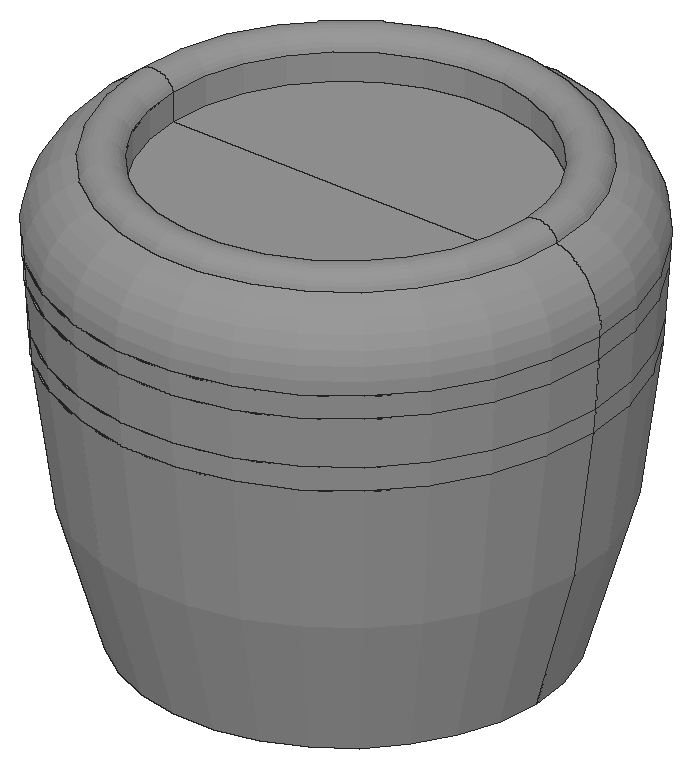
Revit family "Арабский вазон", category Антураж, Revit 2017
Family settings
  На основе рабочей плоскости = Нет
  Всегда вертикально = Да
  При загрузке вырезать с полостями = Нет
  Источник визуального образа = Геометрия семейства
  Общий = Нет
  Точка расчета площади = Нет
Parameters (values of type "Малый")
  Стоимость = 14145
  Средний  плюс = no
  Средний = no
  Материал_2 = Стеклопластиковый композит с гранитной крошкой_Красный
  Материал_1 = Стеклопластиковый композит с гранитной крошкой_Зеленый
  Малый = yes
  Изготовитель = "ООО \"Хоббика\""
  Высота = 0 mm
  Большой = no
  АDSK_Материал вазона = Стеклопластиковый композит с гранитной крошкой
  URL = "https://hobbyka.ru/product/vazon_arabskiy/?sphrase_id=81577"
  ADSK_Размер_Диаметр = 490 mm
  ADSK_Размер_Высота = 420 mm
  ADSK_Наименование = "Вазон «Арабский»\r\n\r\nВазон «Арабский»\r\n\r\nВазон «Арабский»\r\n\r\nВазон «Арабский»\r\n\r\nВазон «Арабский»\r\n\r\nВазон «Арабский»\r\n\r\nВазон «Арабский»\r\n\r\nВазон «Арабский»"
  ADSK_Код изделия = "8425"
Types (5, lengths in mm): name | Стоимость | Средний  плюс | Средний | Малый | Большой | ADSK_Размер_Диаметр | ADSK_Размер_Высота
  (no name) | 14145 | no | no | yes | no | 490 | 420
  Большой | 23230 | no | no | no | yes | 495 | 1020
  Средний | 18400 | no | yes | no | no | 555 | 715
  Средний плюс | 19780 | yes | no | no | no | 495 | 680
  Малый | 14145 | no | no | yes | no | 490 | 420
Reference planes
  plane 1 "По центру (Вперед/Назад)": y = 0
  plane 2: z = 0
  plane 3 "По центру (Влево/Вправо)": x = 0
Forms (mm)
  Revolve 1, solid, material "Стеклопластиковый композит с гранитной крошкой" <- "АDSK_Материал вазона", visible <- "Большой"
    sketch origin (0, 0, 0) x (1, 0, 0) y (0, 0, 1)
      loop
        line (0, 0) -> (161, 0)
        arc (161, 0) -> (215.344, 402.062) -> (243.246, 806.819) r 6192.965
        line (243.246, 806.819) -> (0, 806.819) -> (0, 0)
      loop
        arc (246.356, 954.701) -> (234.549, 988.773) -> (204.344, 1008.473) r 55.698
        arc (204.344, 1008.473) -> (185.816, 1022.398) -> (167.62, 1008.042) r 18.994
        line (167.62, 1008.042) -> (167.62, 954.701) -> (246.356, 954.701)
      axis (0, 1008.473) -> (0, 0)
    angle from 0 to 360
  Revolve 2, solid, material "Стеклопластиковый композит с гранитной крошкой_Зеленый" <- "Материал_1", visible <- "Большой"
    sketch origin (0, 0, 0) x (1, 0, 0) y (0, 0, 1)
      loop
        line (213.35, 954.701) -> (213.35, 914.701) -> (246.356, 914.701) -> (246.356, 954.701) -> (213.35, 954.701)
      loop
        line (246.356, 847.701) -> (0, 847.701) -> (0, 806.819) -> (243.246, 806.819) -> (246.356, 847.701)
      axis (0, 954.701) -> (0, 806.819)
    angle from 0 to 360
  Revolve 3, solid, material "Стеклопластиковый композит с гранитной крошкой_Красный" <- "Материал_2", visible <- "Большой"
    sketch origin (0, 0, 0) x (1, 0, 0) y (0, 0, 1)
      loop
        line (0, 914.701) -> (0, 847.701) -> (246.356, 847.701) -> (246.356, 914.701) -> (0, 914.701)
      axis (0, 914.701) -> (0, 847.701)
    angle from 0 to 360
  Revolve 4, solid, material "Земля", visible <- "Большой"
    sketch origin (0, 0, 0) x (1, 0, 0) y (0, 0, 1)
      loop
        line (-167.62, 998.635) -> (-167.62, 942.386) -> (0, 942.386) -> (0, 998.635) -> (-167.62, 998.635)
      axis (0, 942.386) -> (0, 998.635)
    angle from 0 to 360
  Revolve 5, solid, material "Стеклопластиковый композит с гранитной крошкой" <- "АDSK_Материал вазона", visible <- "Средний"
    sketch origin (0, 0, 0) x (1, 0, 0) y (0, 0, 1)
      loop
        line (218.225, 79.39) -> (0, 79.39) -> (0, 0) -> (192.506, 0)
        arc (192.506, 0) -> (205.903, 39.521) -> (218.225, 79.39) r 1541.964
      loop
        arc (223.576, 98.001) -> (263.772, 292.721) -> (277.254, 491.088) r 1466.156
        line (277.254, 491.088) -> (277.254, 586.733) -> (0, 586.733) -> (0, 491.088) -> (0, 98.001) -> (223.576, 98.001)
      loop
        arc (179.809, 698.828) -> (161.167, 712.587) -> (142.525, 698.828) r 19.508
        line (142.525, 698.828) -> (179.809, 698.828)
      axis (0, 698.828) -> (0, 0)
    angle from 0 to 360
  Revolve 6, solid, material "Стеклопластиковый композит с гранитной крошкой_Зеленый" <- "Материал_1", visible <- "Средний"
    sketch origin (0, 0, 0) x (1, 0, 0) y (0, 0, 1)
      loop
        line (218.225, 79.39) -> (223.388, 98.001) -> (0, 98.001) -> (0, 79.39) -> (218.225, 79.39)
      loop
        arc (277.254, 611.088) -> (259, 654.072) -> (224.381, 685.413) r 108.583
        line (224.381, 685.413) -> (220.702, 685.413) -> (220.702, 611.088) -> (277.254, 611.088)
      axis (0, 685.413) -> (0, 79.39)
    angle from 0 to 360
  Revolve 7, solid, material "Стеклопластиковый композит с гранитной крошкой_Красный" <- "Материал_2", visible <- "Средний"
    sketch origin (0, 0, 0) x (1, 0, 0) y (0, 0, 1)
      loop
        line (277.254, 611.088) -> (0, 611.088) -> (0, 586.733) -> (277.254, 586.733) -> (277.254, 611.088)
      loop
        arc (224.381, 685.413) -> (202.76, 694.421) -> (179.756, 698.832) r 114.296
        line (179.756, 698.832) -> (179.756, 685.413) -> (224.381, 685.413)
      axis (0, 698.832) -> (0, 586.733)
    angle from 0 to 360
  Revolve 8, solid, material "Земля", visible <- "Средний"
    sketch origin (0, 0, 0) x (1, 0, 0) y (0, 0, 1)
      loop
        line (220.702, 611.088) -> (220.702, 680.796) -> (179.809, 680.796) -> (179.809, 689.675) -> (0, 689.675) -> (0, 611.088) -> (220.702, 611.088)
      axis (0, 689.675) -> (0, 611.088)
    angle from 0 to 360
  Revolve 9, solid, material "Стеклопластиковый композит с гранитной крошкой" <- "АDSK_Материал вазона", visible <- "Средний  плюс"
    sketch origin (0, 0, 0) x (1, 0, 0) y (0, 0, 1)
      loop
        line (0, 0) -> (197.922, 0)
        arc (197.922, 0) -> (249.473, 228.952) -> (273.74, 462.377) r 1992.048
        line (273.74, 462.377) -> (0, 462.377) -> (0, 0)
      loop
        line (201.521, 601.873) -> (279.728, 601.873)
        arc (279.728, 601.873) -> (270.339, 641.875) -> (238.521, 667.873) r 63.852
        arc (238.521, 667.873) -> (220.021, 681.873) -> (201.521, 667.873) r 19.223
        line (201.521, 667.873) -> (201.521, 601.873)
      axis (0, 667.873) -> (0, 0)
    angle from 0 to 360
  Revolve 10, solid, material "Стеклопластиковый композит с гранитной крошкой_Зеленый" <- "Материал_1", visible <- "Средний  плюс"
    sketch origin (0, 0, 0) x (1, 0, 0) y (0, 0, 1)
      loop
        line (0, 572.005) -> (0, 495.958) -> (275.182, 495.958) -> (278.446, 572.005) -> (0, 572.005)
      axis (0, 572.005) -> (0, 495.958)
    angle from 0 to 360
  Revolve 11, solid, material "Стеклопластиковый композит с гранитной крошкой_Красный" <- "Материал_2", visible <- "Средний  плюс"
    sketch origin (0, 0, 0) x (1, 0, 0) y (0, 0, 1)
      loop
        line (278.446, 572.005) -> (279.728, 601.873) -> (0, 601.873) -> (0, 572.005) -> (278.446, 572.005)
      loop
        line (275.182, 495.958) -> (0, 495.958) -> (0, 462.377) -> (273.74, 462.377) -> (275.182, 495.958)
      axis (0, 601.873) -> (0, 462.377)
    angle from 0 to 360
  Revolve 12, solid, material "Земля", visible <- "Средний  плюс"
    sketch origin (0, 0, 0) x (1, 0, 0) y (0, 0, 1)
      loop
        line (201.521, 601.873) -> (201.521, 660.537) -> (0, 660.537) -> (0, 601.873) -> (201.521, 601.873)
      axis (0, 660.537) -> (0, 601.873)
    angle from 0 to 360
  Revolve 13, solid, material "Стеклопластиковый композит с гранитной крошкой" <- "АDSK_Материал вазона", visible <- "Малый"
    sketch origin (0, 0, 0) x (1, 0, 0) y (0, 0, 1)
      loop
        line (0, 0) -> (183.065, 0)
        arc (183.065, 0) -> (220.426, 124.1) -> (238.388, 252.451) r 845.786
        line (238.388, 252.451) -> (0, 252.451) -> (0, 0)
      loop
        line (165.976, 337.38) -> (244.183, 337.38)
        arc (244.183, 337.38) -> (235.286, 377.689) -> (202.976, 403.38) r 61.734
        arc (202.976, 403.38) -> (184.476, 417.38) -> (165.976, 403.38) r 19.223
        line (165.976, 403.38) -> (165.976, 337.38)
      axis (0, 403.38) -> (0, 0)
    angle from 0 to 360
  Revolve 14, solid, material "Стеклопластиковый композит с гранитной крошкой_Красный" <- "Материал_2", visible <- "Малый"
    sketch origin (0, 0, 0) x (1, 0, 0) y (0, 0, 1)
      loop
        line (242.767, 316.635) -> (244.183, 337.38) -> (165.976, 337.38) -> (165.976, 316.635) -> (242.767, 316.635)
      loop
        line (238.388, 252.451) -> (239.836, 273.677) -> (169.59, 273.677) -> (168.566, 252.451) -> (238.388, 252.451)
      axis (0, 337.38) -> (0, 252.451)
    angle from 0 to 360
  Revolve 15, solid, material "Стеклопластиковый композит с гранитной крошкой_Зеленый" <- "Материал_1", visible <- "Малый"
    sketch origin (0, 0, 0) x (1, 0, 0) y (0, 0, 1)
      loop
        line (239.836, 273.677) -> (242.767, 316.635) -> (165.976, 316.635) -> (165.976, 273.677) -> (239.836, 273.677)
      axis (0, 316.635) -> (0, 273.677)
    angle from 0 to 360
  Revolve 16, solid, material "Земля", visible <- "Малый"
    sketch origin (0, 0, 0) x (1, 0, 0) y (0, 0, 1)
      loop
        line (0, 378.682) -> (0, 273.682) -> (167.246, 273.682) -> (167.246, 378.682) -> (0, 378.682)
      axis (0, 378.682) -> (0, 273.682)
    angle from 0 to 360
Dimensions and locks
  Revolve 9 to level = 667.873 mm
  aligned and locked: level to plane 2
